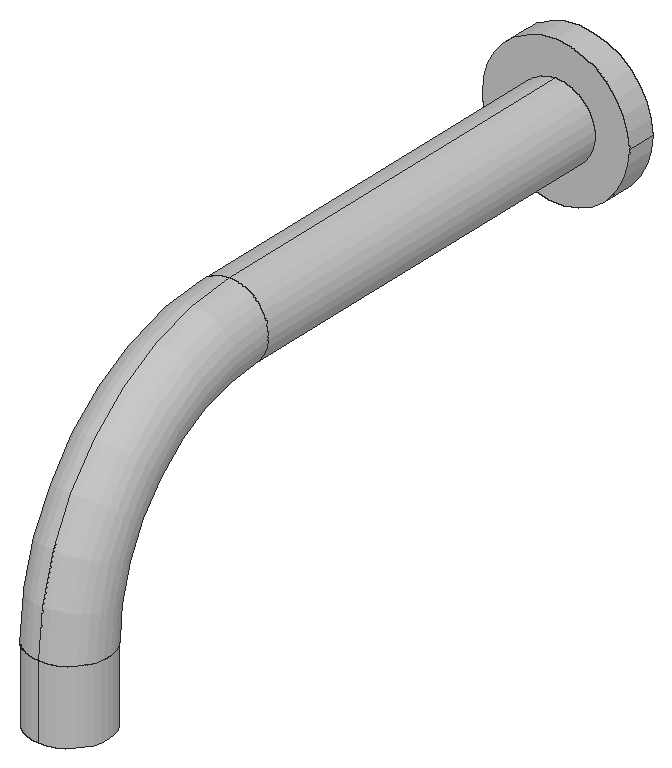
Revit family "010", category Generic Models, Revit 2021
Family settings
  Can host rebar = No
  Round Connector Dimension = Use Diameter
  Part Type = Normal
  Work Plane-Based = No
  Always vertical = Yes
  Cut with Voids When Loaded = No
  Shared = No
  Room Calculation Point = No
Parameters (values of type "Standard")
  e-mail = "info@vola.com"
  URL = "http://vola.com"
  Telephone = "+45 7023 5500"
  Quality management standard = "ISO 9001"
  Organisation no. / DUNS no. = "17531328"
  Occupational health and safety management standard = "ISO 18001"
  Mounting Instructions = "http://vola.com/service/producturl.ashx?name=010"
  Model = "010"
  Materials and components information = "http://vola.com/service/producturl.ashx?name=010"
  Manufacturer = "VOLA A/S"
  Maintenance Instructions = "http://vola.com/service/producturl.ashx?name=010"
  Guarantee = "2 years"
  Flow = "0 l/min"
  Environmental management standard = "ISO 14000"
  Default Elevation = 0.0000 mm
  Connection - All relevant connections = ""
  Approvals = "http://vola.com/service/producturl.ashx?name=010"
Reference planes
  plane 1 "Center (Front/Back)": y = 0
  plane 2: z = 0
  plane 3 "Center (Left/Right)": x = 0
Forms (mm)
  Extrusion 1, solid, material "Stainless Steel"
    sketch origin (0, 0, 0) x (1, 0, 0) y (0, 0, 1)
      loop
        circle (0, 0) r 18
    from 0 to 7
  Sweep 2, solid, material "Stainless Steel"
    path origin (0, 0, 0) x (0, 1, 0) y (0, 0, 1)
      loop
        line (-7, 0) -> (-107, 0)
        arc (-107, 0) -> (-141.648, -14.352) -> (-156, -49) r 49
    profile origin (0, -141.648, -14.352) x (0, 0.707107, -0.707107) y (1, 0, 0)
      loop
        circle (0, 0) r 9.5
  Extrusion 3, solid, material "Stainless Steel"
    sketch origin (0, -156, -49) x (0, -1, 0) y (-1, 0, 0)
      loop
        circle (0, 0) r 9.5
    from 0 to 18
Dimensions and locks
  aligned and locked: plane 2 to level
